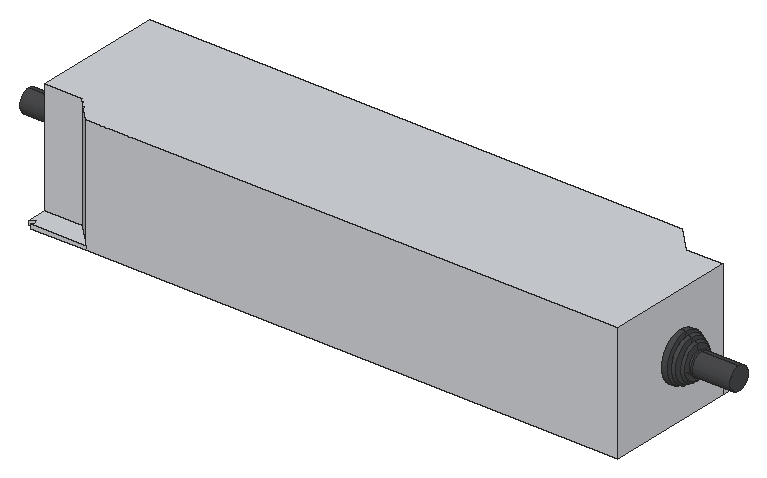
Revit family "LM36012", category Luminarias, Revit 2019
Family settings
  Cota de conector redondo = Diámetro de uso
  Tipo de pieza = Normal
  Se basa en plano de trabajo = Sí
  Siempre vertical = No
  Corte con vacíos al cargar = No
  Origen de luz = No
  Compartido = Sí
  Punto de cálculo de habitación = No
Parameters (values of type "FUENTE_LM36012")
  Keynote = ""
  Modelo = "LM36012"
  Lamp = ""
  Fabricante = "BRILLANT"
  Default Elevation = 1219.2 mm
  Descripción = "FUENTE DE ALIMENTACION CON UNA CAPACIDAD DE 60W (CONSIDERAR 45-50W), ALIMENTACION ENTRADA 100-277VAC/50-60Hz, SALIDA 12VDC, 5A, TEMPERATURA DE OPERACIÓN: 30-70C, DIMENSIONES DE 162X42.5X32MM, IP 67."
  Comentarios de vataje = "12//100-277V"
Reference planes
  plane 1 "Centro (Frontal/Posterior)": y = 0
  plane 2: z = 0
  plane 3 "Centro (Izquierda/Derecha)": x = 0
  plane 4: x = -81
  plane 5: x = 81
  plane 6: y = 21.25
  plane 7: y = -21.25
  plane 8: z = 32
Forms (mm)
  Extrusion 1, solid
    sketch origin (0, 0, 0) x (1, 0, 0) y (0, 1, 0)
      loop
        line (81, 14.696) -> (81, 20.293) -> (79.688, 19.374) -> (78.789, 20.659) -> (79.633, 21.25) -> (64.452, 21.25) -> (71.006, 14.696) -> (81, 14.696)
      loop
        line (-81, -14.696) -> (-81, -20.293) -> (-79.688, -19.374) -> (-78.789, -20.659) -> (-79.633, -21.25) -> (-64.452, -21.25) -> (-71.006, -14.696) -> (-81, -14.696)
    from 0 to 1.098
  Extrusion 2, solid
    sketch origin (0, 0, 0) x (1, 0, 0) y (0, 1, 0)
      loop
        line (-81, 21.25) -> (-81, -14.696) -> (-71.006, -14.696) -> (-64.452, -21.25) -> (81, -21.25) -> (81, 14.696) -> (71.006, 14.696) -> (64.452, 21.25) -> (-81, 21.25)
    from 0 to 32
  Revolve 3, solid, material "Plastico"
    sketch origin (0, 0, 0) x (-1, 0, 0) y (0, 0, -1)
      loop
        arc (87.537, -16) -> (87.318, -14.322) -> (86.676, -12.757) r 6.537
        line (86.676, -12.757) -> (86.676, -13.641) -> (85.811, -13.641) -> (85.811, -11.574)
        arc (85.811, -11.574) -> (85.52, -11.278) -> (85.211, -11) r 6.537
        line (85.211, -11) -> (85.211, -12.025) -> (84.346, -12.025) -> (84.346, -10.48)
        arc (84.346, -10.48) -> (83.937, -10.241) -> (83.511, -10.032) r 6.537
        line (83.511, -10.032) -> (83.511, -10.921) -> (82.646, -10.921) -> (82.646, -9.674)
        arc (82.646, -9.674) -> (81.83, -9.516) -> (81, -9.463) r 6.537
        line (81, -9.463) -> (81, -16) -> (87.537, -16)
      axis (81, -16) -> (87.537, -16)
    angle from 0 to 360
  Extrusion 4, solid, material "Plastico"
    sketch origin (-45.154, -7.861, 45.467) x (0, 0, 1) y (0, 1, 0)
      loop
        circle (-29.467, 7.861) r 3.072
    from 35.846 to 51.979
  Revolve 5, solid, material "Plastico"
    sketch origin (0, 0, 0) x (1, 0, 0) y (0, 0, 1)
      loop
        line (87.537, 16) -> (81, 16) -> (81, 9.463)
        arc (81, 9.463) -> (81.83, 9.516) -> (82.646, 9.674) r 6.537
        line (82.646, 9.674) -> (82.646, 10.921) -> (83.511, 10.921) -> (83.511, 10.032)
        arc (83.511, 10.032) -> (83.937, 10.241) -> (84.346, 10.48) r 6.537
        line (84.346, 10.48) -> (84.346, 12.025) -> (85.211, 12.025) -> (85.211, 11)
        arc (85.211, 11) -> (85.52, 11.278) -> (85.811, 11.574) r 6.537
        line (85.811, 11.574) -> (85.811, 13.641) -> (86.676, 13.641) -> (86.676, 12.757)
        arc (86.676, 12.757) -> (87.318, 14.322) -> (87.537, 16) r 6.537
      axis (81, 16) -> (87.537, 16)
    angle from 0 to 360
  Extrusion 6, solid, material "Plastico"
    sketch origin (45.154, -7.861, 45.467) x (0, 0, 1) y (0, -1, 0)
      loop
        circle (-29.467, -7.861) r 3.072
    from 35.846 to 51.979
Dimensions and locks
  equal spacing: plane 4, plane 3 "Centro (Izquierda/Derecha)", plane 5
  plane 4 to plane 3 "Centro (Izquierda/Derecha)" = 81 mm
  plane 4 to plane 5 = 162 mm
  equal spacing: plane 6, plane 1 "Centro (Frontal/Posterior)", plane 7
  plane 8 to level = 32 mm
  plane 1 "Centro (Frontal/Posterior)" to plane 6 = 21.25 mm
  plane 6 to plane 7 = 42.5 mm
  plane 5 to plane 4 = 162 mm
  aligned and locked: level to plane 2
  aligned and locked: plane 8 to Extrusion 2
Automatic sketch dimensions
  Extrusion 1 sketch curve to plane 4 = 0 mm
  Extrusion 1 sketch curve to plane 7 = 0 mm
  Extrusion 1 sketch curve to plane 6 = 0 mm
  Extrusion 1 sketch curve to plane 5 = 0 mm
  plane 4 to Extrusion 1 sketch curve = 1.312 mm
  plane 4 to Extrusion 1 sketch curve = 1.367 mm
  plane 7 to Extrusion 1 sketch curve = 0.591 mm
  Extrusion 1 sketch curve to Extrusion 1 sketch curve = 0.845 mm  (x2)
  Extrusion 1 sketch curve to Extrusion 1 sketch curve = 7.783 mm
  Extrusion 1 sketch curve to Extrusion 1 sketch curve = 6.554 mm  (x2)
  Extrusion 1 sketch curve to plane 5 = 16.548 mm
  Extrusion 1 sketch curve to plane 6 = 0.591 mm
  Extrusion 1 sketch curve to plane 5 = 2.211 mm
  Extrusion 1 sketch curve to plane 5 = 1.312 mm
  plane 7 to Extrusion 1 sketch curve = 6.554 mm
  Extrusion 1 sketch curve to plane 6 = 6.554 mm
  Extrusion 2 sketch curve to plane 4 = 0 mm
  Extrusion 2 sketch curve to plane 7 = 0 mm
  Extrusion 2 sketch curve to plane 6 = 0 mm
  Extrusion 2 sketch curve to plane 5 = 0 mm
  Extrusion 2 sketch curve to Extrusion 2 sketch curve = 9.994 mm
  Extrusion 2 sketch curve to Extrusion 2 sketch curve = 6.554 mm  (x2)
  Extrusion 2 sketch curve to plane 5 = 16.548 mm
  plane 7 to Extrusion 2 sketch curve = 6.554 mm
  Extrusion 2 sketch curve to plane 6 = 6.554 mm
  Revolve 3 sketch curve to Revolve 3 sketch curve = 0 mm  (x8)
  Revolve 3 sketch curve to plane 4 = 0 mm
  Revolve 3 sketch curve to Revolve 3 sketch curve = 0.156 mm
  Revolve 3 sketch curve to plane 4 = 1.646 mm
  Revolve 3 sketch curve to Revolve 3 sketch curve = 0.865 mm  (x3)
  Revolve 3 sketch curve to Revolve 3 sketch curve = 0.835 mm
  Revolve 3 sketch curve to Revolve 3 sketch curve = 0.6 mm
  Revolve 3 sketch curve to Revolve 3 sketch curve = 0.861 mm
  level to Revolve 3 sketch curve = 16 mm
  Revolve 3 sketch curve to Revolve 3 sketch curve = 0.884 mm
  Revolve 3 sketch curve to Revolve 3 sketch curve = 0.732 mm
  Revolve 3 sketch curve to Revolve 3 sketch curve = 0.451 mm
  Revolve 3 sketch curve to Revolve 3 sketch curve = 1.104 mm
  Revolve 3 sketch curve to Revolve 3 sketch curve = 0.441 mm
  Revolve 3 sketch curve to Revolve 3 sketch curve = 0.358 mm
  Revolve 3 sketch curve to plane 4 = 1.967 mm
  Revolve 3 sketch curve to Revolve 3 sketch curve = 1.24 mm
  Extrusion 4 sketch curve to plane 1 "Centro (Frontal/Posterior)" = 0 mm
  level to Extrusion 4 sketch curve = 16 mm
  Revolve 5 sketch curve to Revolve 5 sketch curve = 0 mm  (x7)
  Revolve 5 sketch curve to plane 5 = 0 mm
  Revolve 5 sketch curve to Revolve 5 sketch curve = 0.156 mm
  plane 5 to Revolve 5 sketch curve = 1.646 mm
  Revolve 5 sketch curve to Revolve 5 sketch curve = 0.865 mm  (x3)
  Revolve 5 sketch curve to Revolve 5 sketch curve = 0.835 mm
  Revolve 5 sketch curve to Revolve 5 sketch curve = 0.6 mm
  Revolve 5 sketch curve to Revolve 5 sketch curve = 0.861 mm
  level to Revolve 5 sketch curve = 9.463 mm
  Revolve 5 sketch curve to Revolve 5 sketch curve = 0.211 mm
  Revolve 5 sketch curve to Revolve 5 sketch curve = 0.358 mm
  Revolve 5 sketch curve to Revolve 5 sketch curve = 0.448 mm
  Revolve 5 sketch curve to Revolve 5 sketch curve = 0.889 mm
  Revolve 5 sketch curve to Revolve 5 sketch curve = 0.52 mm
  Revolve 5 sketch curve to Revolve 5 sketch curve = 1.025 mm
  Revolve 5 sketch curve to Revolve 5 sketch curve = 0.884 mm
  plane 5 to Revolve 5 sketch curve = 1.967 mm
  Revolve 5 sketch curve to Revolve 5 sketch curve = 1.24 mm
  Extrusion 6 sketch curve to plane 1 "Centro (Frontal/Posterior)" = 0 mm
  level to Extrusion 6 sketch curve = 16 mm
  radius of Extrusion 4 sketch curve = 3.072 mm
  radius of Extrusion 6 sketch curve = 3.072 mm
Connectors
  electrical at (81, -3.277, 16)
    settings: on Extrusion 2, index 1, voltage 277 V, apparent load 0 VA, apparent load phase1 0 VA, apparent load phase2 0 VA, apparent load phase3 0 VA, power factor 1, load classification "Otro", number of poles 1, system type 31, power factor state 1, is connector primary yes, connector utility no, sub classification motor no, connector description ""
  electrical at (-81, 3.277, 16)
    settings: on Extrusion 2, index 2, voltage 12 V, apparent load 0 VA, apparent load phase1 0 VA, apparent load phase2 0 VA, apparent load phase3 0 VA, power factor 1, load classification "Otro", number of poles 1, system type 31, power factor state 1, is connector primary no, connector utility no, sub classification motor no, connector description ""
